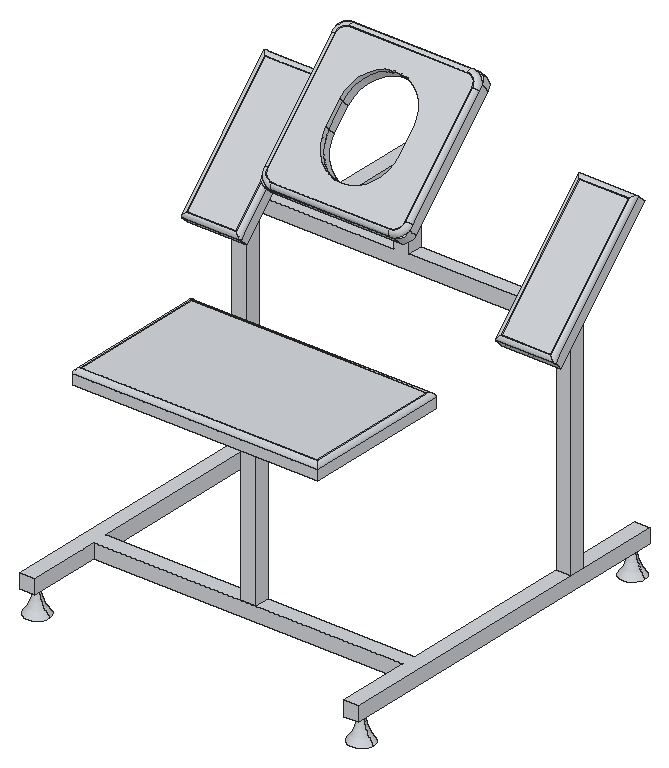
Revit family "Скамья массажная", category Оборудование, Revit 2017
Family settings
  Размер круглого соединителя = Использовать диаметр
  Тип детали = Нормальный
  На основе рабочей плоскости = Нет
  Всегда вертикально = Да
  При загрузке вырезать с полостями = Нет
  Общий = Нет
  Точка расчета площади = Нет
Parameters
  Ширина = 760.0 mm
  Примечание = ""
  Позиция = ""
  Обозначение = "-"
  Наименование = "Скамья массажная"
  Масса = "12"
  Код оборудования = "-"
  Keynote = ""
  Изготовитель = "Severin"
  Завод = ""
  Единицы = "шт."
  Группа модели = "ТХ"  # constant formula
  Глубина = 740.0 mm
  Высота = 1000.0 mm
Reference planes
  plane 1 "По центру (Вперед/Назад)": y = 0
  plane 2: z = 0
  plane 3 "По центру (Влево/Вправо)": x = 0
  plane 4: y = 370
  plane 5: y = -370
  plane 6: y = 170
  plane 7: through (0, 173.79, 573.79) normal (0, -0.7071, 0.7071)
  plane 8: through (0, 20, 700) normal (0, -0.7071, 0.7071)
  plane 9: through (0, 5.01, 685.01) normal (0, 0.7071, -0.7071)
  plane 10: x = -380
  plane 11: x = 380
Forms (mm)
  Extrusion 1, solid, detail levels fine
    sketch origin (0, 0, 0) x (1, 0, 0) y (0, 1, 0)
      loop
        line (-345, 370) -> (-345, -370) -> (-315, -370) -> (-315, -220) -> (315, -220) -> (315, -370) -> (345, -370) -> (345, 370) -> (315, 370) -> (315, -190) -> (-315, -190) -> (-315, 370) -> (-345, 370)
    from 50 to 80
  Revolve 2, solid, detail levels fine
    sketch origin (265, -345, 0) x (-1, 0, 0) y (0, 0, 1)
      loop
        line (595, 50) -> (595, 0) -> (620, 0)
        spline (620, 0) -> (616.692, 3.873) -> (613.727, 8.004) -> (611.092, 12.333) -> (608.773, 16.797) -> (606.758, 21.335) -> (605.031, 25.885) -> (603.581, 30.386) -> (602.394, 34.776) -> (601.455, 38.994) -> (600.752, 42.979) -> (600.272, 46.668) -> (600, 50)
        line (600, 50) -> (595, 50)
      axis (595, 50) -> (595, 0)
    angle from 0 to 360
  Revolve 3, solid, detail levels fine
    sketch origin (265, 345, 0) x (-1, 0, 0) y (0, 0, 1)
      loop
        line (595, 50) -> (595, 0) -> (620, 0)
        spline (620, 0) -> (616.692, 3.873) -> (613.727, 8.004) -> (611.092, 12.333) -> (608.773, 16.797) -> (606.758, 21.335) -> (605.031, 25.885) -> (603.581, 30.386) -> (602.394, 34.776) -> (601.455, 38.994) -> (600.752, 42.979) -> (600.272, 46.668) -> (600, 50)
        line (600, 50) -> (595, 50)
      axis (595, 50) -> (595, 0)
    angle from 0 to 360
  Revolve 4, solid, detail levels fine
    sketch origin (925, 345, 0) x (-1, 0, 0) y (0, 0, 1)
      loop
        line (595, 50) -> (595, 0) -> (620, 0)
        spline (620, 0) -> (616.692, 3.873) -> (613.727, 8.004) -> (611.092, 12.333) -> (608.773, 16.797) -> (606.758, 21.335) -> (605.031, 25.885) -> (603.581, 30.386) -> (602.394, 34.776) -> (601.455, 38.994) -> (600.752, 42.979) -> (600.272, 46.668) -> (600, 50)
        line (600, 50) -> (595, 50)
      axis (595, 50) -> (595, 0)
    angle from 0 to 360
  Revolve 5, solid, detail levels fine
    sketch origin (925, -345, 0) x (-1, 0, 0) y (0, 0, 1)
      loop
        line (595, 50) -> (595, 0) -> (620, 0)
        spline (620, 0) -> (616.692, 3.873) -> (613.727, 8.004) -> (611.092, 12.333) -> (608.773, 16.797) -> (606.758, 21.335) -> (605.031, 25.885) -> (603.581, 30.386) -> (602.394, 34.776) -> (601.455, 38.994) -> (600.752, 42.979) -> (600.272, 46.668) -> (600, 50)
        line (600, 50) -> (595, 50)
      axis (595, 50) -> (595, 0)
    angle from 0 to 360
  Extrusion 6, solid, detail levels fine
    sketch origin (0, 0, 0) x (1, 0, 0) y (0, 1, 0)
      loop
        line (-15, -220) -> (15, -220) -> (15, -190) -> (-15, -190) -> (-15, -220)
    from 80 to 450
  Extrusion 7, solid, detail levels fine
    sketch origin (0, 0, 0) x (1, 0, 0) y (0, 1, 0)
      loop
        line (-250, -55) -> (-250, -355) -> (250, -355) -> (250, -55) -> (-250, -55)
    from 450 to 470
  Extrusion 8, solid, detail levels fine
    sketch origin (0, 0, 0) x (1, 0, 0) y (0, 1, 0)
      loop
        line (-240, -65) -> (-240, -345) -> (240, -345) -> (240, -65) -> (-240, -65)
    from 470 to 480
  Sweep 9, solid, detail levels fine
    path in 3D
      loop
        line (-240, -65, 480) -> (-240, -345, 480) -> (240, -345, 480) -> (240, -65, 480) -> (-240, -65, 480)
    profile origin (0, -65, 480) x (0, -1, 0) y (0, 0, 1)
      loop
        arc (0, 0) -> (-7.071, -2.929) -> (-10, -10) r 10
        line (-10, -10) -> (0, -10) -> (0, 0)
  Extrusion 10, solid, detail levels fine
    sketch origin (-210, 170, 1200) x (-1, 0, 0) y (0, 0, 1)
      loop
        line (135, -1120) -> (135, -600) -> (105, -600) -> (105, -650) -> (-195, -650) -> (-195, -500) -> (-225, -500) -> (-225, -650) -> (-525, -650) -> (-525, -600) -> (-555, -600) -> (-555, -1120) -> (-525, -1120) -> (-525, -680) -> (105, -680) -> (105, -1120) -> (135, -1120)
    from 0 to 30
  Extrusion 11, solid, detail levels fine
    sketch origin (0, 173.79, 573.79) x (0, 0.707107, 0.707107) y (-1, 0, 0)
      loop
        line (196.316, -260) -> (-103.684, -260) -> (-103.684, -380) -> (196.316, -380) -> (196.316, -260)
      loop
        line (196.316, 380) -> (-103.684, 380) -> (-103.684, 260) -> (196.316, 260) -> (196.316, 380)
    from 0 to 20
  Extrusion 12, solid, detail levels fine
    sketch origin (0, 173.79, 573.79) x (0, 0.707107, 0.707107) y (-1, 0, 0)
      loop
        line (186.316, 370) -> (-93.684, 370) -> (-93.684, 270) -> (186.316, 270) -> (186.316, 370)
      loop
        line (186.316, -270) -> (-93.684, -270) -> (-93.684, -370) -> (186.316, -370) -> (186.316, -270)
    from 20 to 30
  Sweep 13, solid, detail levels fine
    path in 3D
      loop
        line (270, 284.322, 726.748) -> (270, 86.332, 528.758) -> (370, 86.332, 528.758) -> (370, 284.322, 726.748) -> (270, 284.322, 726.748)
    profile origin (320, 284.322, 726.748) x (0, -0.707107, -0.707107) y (0, -0.707107, 0.707107)
      loop
        arc (0, 0) -> (-7.071, -2.929) -> (-10, -10) r 10
        line (-10, -10) -> (0, -10) -> (0, 0)
  Sweep 14, solid, detail levels fine
    path in 3D
      loop
        line (-370, 284.322, 726.748) -> (-370, 86.332, 528.758) -> (-270, 86.332, 528.758) -> (-270, 284.322, 726.748) -> (-370, 284.322, 726.748)
    profile origin (-320, 284.322, 726.748) x (0, -0.707107, -0.707107) y (0, -0.707107, 0.707107)
      loop
        arc (0, 0) -> (-7.071, -2.929) -> (-10, -10) r 10
        line (-10, -10) -> (0, -10) -> (0, 0)
  Extrusion 15, solid, detail levels fine
    sketch origin (0, 0, 0) x (1, 0, 0) y (0, 1, 0)
      loop
        line (15, 200) -> (-15, 200) -> (-15, 20) -> (15, 20) -> (15, 200)
    from 700 to 730
  Extrusion 16, solid, detail levels fine
    sketch origin (0, 110.104, 790.104) x (0, 0.707107, 0.707107) y (-1, 0, 0)
      loop
        arc (150, 130) -> (144.142, 144.142) -> (130, 150) r 20
        line (130, 150) -> (-130, 150)
        arc (-130, 150) -> (-144.142, 144.142) -> (-150, 130) r 20
        line (-150, 130) -> (-150, -130)
        arc (-150, -130) -> (-144.142, -144.142) -> (-130, -150) r 20
        line (-130, -150) -> (130, -150)
        arc (130, -150) -> (144.142, -144.142) -> (150, -130) r 20
        line (150, -130) -> (150, 130)
      loop
        line (25, 75) -> (-25, 75)
        arc (-25, 75) -> (-100, 0) -> (-25, -75) r 75
        line (-25, -75) -> (25, -75)
        arc (25, -75) -> (100, 0) -> (25, 75) r 75
    from 0 to 20
  Extrusion 17, solid, detail levels fine
    sketch origin (0, 95.114, 775.114) x (0, -0.707107, -0.707107) y (-1, 0, 0)
      loop
        line (-161.199, 120) -> (-161.199, -120)
        arc (-161.199, -120) -> (-155.341, -134.142) -> (-141.199, -140) r 20
        line (-141.199, -140) -> (98.801, -140)
        arc (98.801, -140) -> (112.943, -134.142) -> (118.801, -120) r 20
        line (118.801, -120) -> (118.801, 120)
        arc (118.801, 120) -> (112.943, 134.142) -> (98.801, 140) r 20
        line (98.801, 140) -> (-141.199, 140)
        arc (-141.199, 140) -> (-155.341, 134.142) -> (-161.199, 120) r 20
      loop
        arc (-46.199, 75) -> (-121.199, 0) -> (-46.199, -75) r 75
        line (-46.199, -75) -> (3.801, -75)
        arc (3.801, -75) -> (78.801, 0) -> (3.801, 75) r 75
        line (3.801, 75) -> (-46.199, 75)
    from -30 to -20
  Sweep 18, solid, detail levels fine
    path in 3D
      loop
        arc (-140, 4.038, 726.464) -> (-134.142, -5.962, 716.464) -> (-120, -10.104, 712.322) r 20
        line (-120, -10.104, 712.322) -> (120, -10.104, 712.322)
        arc (120, -10.104, 712.322) -> (134.142, -5.962, 716.464) -> (140, 4.038, 726.464) r 20
        line (140, 4.038, 726.464) -> (140, 173.744, 896.17)
        arc (140, 173.744, 896.17) -> (134.142, 183.744, 906.17) -> (120, 187.886, 910.312) r 20
        line (120, 187.886, 910.312) -> (-120, 187.886, 910.312)
        arc (-120, 187.886, 910.312) -> (-134.142, 183.744, 906.17) -> (-140, 173.744, 896.17) r 20
        line (-140, 173.744, 896.17) -> (-140, 4.038, 726.464)
    profile origin (-140, 88.891, 811.317) x (0, -0.707107, 0.707107) y (-1, 0, 0)
      loop
        arc (0, 0) -> (-2.929, 7.071) -> (-10, 10) r 10
        line (-10, 10) -> (-10, 0) -> (0, 0)
Lines and regions (mm)
  sketch lines
    curve 1: line (240, -65, 480) -> (-240, -65, 480)
    curve 2: line (240, -345, 480) -> (240, -65, 480)
    curve 3: line (-240, -345, 480) -> (240, -345, 480)
    curve 4: line (-240, -65, 480) -> (-240, -345, 480)
    curve 5: line (370, 284.322, 726.748) -> (270, 284.322, 726.748)
    curve 6: line (270, 284.322, 726.748) -> (270, 86.332, 528.758)
    curve 7: line (270, 86.332, 528.758) -> (370, 86.332, 528.758)
    curve 8: line (370, 86.332, 528.758) -> (370, 284.322, 726.748)
    curve 9: line (-270, 284.322, 726.748) -> (-370, 284.322, 726.748)
    curve 10: line (-370, 284.322, 726.748) -> (-370, 86.332, 528.758)
    curve 11: line (-370, 86.332, 528.758) -> (-270, 86.332, 528.758)
    curve 12: line (-270, 86.332, 528.758) -> (-270, 284.322, 726.748)
    curve 13: line (-140, 173.744, 896.17) -> (-140, 4.038, 726.464)
    curve 14: arc (-140, 173.744, 896.17) -> (-134.142, 183.744, 906.17) -> (-120, 187.886, 910.312) r 20
    curve 15: line (120, 187.886, 910.312) -> (-120, 187.886, 910.312)
    curve 16: arc (120, 187.886, 910.312) -> (134.142, 183.744, 906.17) -> (140, 173.744, 896.17) r 20
    curve 17: line (140, 4.038, 726.464) -> (140, 173.744, 896.17)
    curve 18: arc (140, 4.038, 726.464) -> (134.142, -5.962, 716.464) -> (120, -10.104, 712.322) r 20
    curve 19: line (-120, -10.104, 712.322) -> (120, -10.104, 712.322)
    curve 20: arc (-120, -10.104, 712.322) -> (-134.142, -5.962, 716.464) -> (-140, 4.038, 726.464) r 20
  symbolic lines, detail levels coarse+medium
    curve 21: line (-130, 216.17, 0) -> (130, 216.17, 0)
    curve 22: spline (130, 216.17, 0) -> (132.611, 216.049, 0) -> (135.176, 215.688, 0) -> (137.654, 215.094, 0) -> (140, 214.275, 0) -> (142.175, 213.248, 0) -> (144.142, 212.028, 0) -> (145.867, 210.637, 0) -> (147.321, 209.099, 0) -> (148.478, 207.44, 0) -> (149.319, 205.688, 0) -> (149.829, 203.874, 0) -> (150, 202.028, 0)
    curve 23: line (150, 202.028, 0) -> (150, 18.18, 0)
    curve 24: spline (150, 18.18, 0) -> (149.829, 16.334, 0) -> (149.319, 14.52, 0) -> (148.478, 12.768, 0) -> (147.321, 11.109, 0) -> (145.867, 9.571, 0) -> (144.142, 8.18, 0) -> (142.175, 6.96, 0) -> (140, 5.933, 0) -> (137.654, 5.115, 0) -> (135.176, 4.52, 0) -> (132.611, 4.159, 0) -> (130, 4.038, 0)
    curve 25: line (130, 4.038, 0) -> (-130, 4.038, 0)
    curve 26: spline (-130, 4.038, 0) -> (-132.611, 4.159, 0) -> (-135.176, 4.52, 0) -> (-137.654, 5.115, 0) -> (-140, 5.933, 0) -> (-142.175, 6.96, 0) -> (-144.142, 8.18, 0) -> (-145.867, 9.571, 0) -> (-147.321, 11.109, 0) -> (-148.478, 12.768, 0) -> (-149.319, 14.52, 0) -> (-149.829, 16.334, 0) -> (-150, 18.18, 0)
    curve 27: line (-150, 18.18, 0) -> (-150, 202.028, 0)
    curve 28: spline (-150, 202.028, 0) -> (-149.829, 203.874, 0) -> (-149.319, 205.688, 0) -> (-148.478, 207.44, 0) -> (-147.321, 209.099, 0) -> (-145.867, 210.637, 0) -> (-144.142, 212.028, 0) -> (-142.175, 213.248, 0) -> (-140, 214.275, 0) -> (-137.654, 215.094, 0) -> (-135.176, 215.688, 0) -> (-132.611, 216.049, 0) -> (-130, 216.17, 0)
    curve 29: spline (75, 127.782, 0) -> (72.444, 141.508, 0) -> (64.952, 154.298, 0) -> (53.033, 165.282, 0) -> (37.5, 173.71, 0) -> (19.411, 179.008, 0) -> (0, 180.815, 0) -> (-19.411, 179.008, 0) -> (-37.5, 173.71, 0) -> (-53.033, 165.282, 0) -> (-64.952, 154.298, 0) -> (-72.444, 141.508, 0) -> (-75, 127.782, 0)
    curve 30: line (-75, 127.782, 0) -> (-75, 92.426, 0)
    curve 31: spline (-75, 92.426, 0) -> (-72.444, 78.7, 0) -> (-64.952, 65.91, 0) -> (-53.033, 54.926, 0) -> (-37.5, 46.498, 0) -> (-19.411, 41.2, 0) -> (0, 39.393, 0) -> (19.411, 41.2, 0) -> (37.5, 46.498, 0) -> (53.033, 54.926, 0) -> (64.952, 65.91, 0) -> (72.444, 78.7, 0) -> (75, 92.426, 0)
    curve 32: line (75, 92.426, 0) -> (75, 127.782, 0)
    curve 33: line (260, 298.464, 0) -> (260, 86.332, 0)
    curve 34: line (260, 86.332, 0) -> (380, 86.332, 0)
    curve 35: line (380, 86.332, 0) -> (380, 298.464, 0)
    curve 36: line (380, 298.464, 0) -> (260, 298.464, 0)
    curve 37: line (-260, 86.332, 0) -> (-260, 298.464, 0)
    curve 38: line (-260, 298.464, 0) -> (-380, 298.464, 0)
    curve 39: line (-380, 298.464, 0) -> (-380, 86.332, 0)
    curve 40: line (-380, 86.332, 0) -> (-260, 86.332, 0)
    curve 41: line (-315, -190, 0) -> (-315, 86.332, 0)
    curve 42: line (-315, 370, 0) -> (-345, 370, 0)
    curve 43: line (-345, 86.332, 0) -> (-345, -370, 0)
    curve 44: line (-345, -370, 0) -> (-315, -370, 0)
    curve 45: line (-315, -370, 0) -> (-315, -220, 0)
    curve 46: line (250, -220, 0) -> (315, -220, 0)
    curve 47: line (315, -220, 0) -> (315, -370, 0)
    curve 48: line (315, -370, 0) -> (345, -370, 0)
    curve 49: line (345, -370, 0) -> (345, 86.332, 0)
    curve 50: line (345, 370, 0) -> (315, 370, 0)
    curve 51: line (315, 86.332, 0) -> (315, -190, 0)
    curve 52: line (315, -190, 0) -> (250, -190, 0)
    curve 53: line (-260, 170, 0) -> (-150, 170, 0)
    curve 54: line (-150, 200, 0) -> (-260, 200, 0)
    curve 55: line (150, 170, 0) -> (260, 170, 0)
    curve 56: line (260, 200, 0) -> (150, 200, 0)
    curve 57: line (-250, -355, 0) -> (250, -355, 0)
    curve 58: line (250, -355, 0) -> (250, -55, 0)
    curve 59: line (250, -55, 0) -> (-250, -55, 0)
    curve 60: line (-250, -55, 0) -> (-250, -355, 0)
    curve 61: line (-250, -220, 0) -> (-315, -220, 0)
    curve 62: line (-315, -190, 0) -> (-250, -190, 0)
    curve 63: line (345, 312.606, 0) -> (345, 370, 0)
    curve 64: line (315, 312.606, 0) -> (315, 370, 0)
    curve 65: line (-345, 312.606, 0) -> (-345, 370, 0)
    curve 66: line (-315, 312.606, 0) -> (-315, 370, 0)
Dimensions and locks
  "Глубина": plane 4 to plane 5
  "Ширина": plane 10 to plane 11
  aligned and locked: level to plane 2
Automatic sketch dimensions
  Extrusion 1 sketch curve to plane 5 = 0.0 mm  (x2)
  Extrusion 1 sketch curve to plane 4 = 0.0 mm  (x2)
  Extrusion 1 sketch curve to Extrusion 1 sketch curve = 30.0 mm  (x4)
  plane 5 to Extrusion 1 sketch curve = 150.0 mm
  Revolve 2 sketch curve to level = 0.0 mm  (x2)
  Revolve 2 sketch curve to Revolve 2 sketch curve = 5.0 mm
  level to Revolve 2 sketch curve = 50.0 mm
  Revolve 2 sketch curve to Revolve 2 sketch curve = 0.0 mm  (x2)
  Revolve 3 sketch curve to level = 0.0 mm  (x2)
  Revolve 3 sketch curve to Revolve 3 sketch curve = 5.0 mm
  level to Revolve 3 sketch curve = 50.0 mm
  Revolve 3 sketch curve to Revolve 3 sketch curve = 0.0 mm  (x2)
  Revolve 4 sketch curve to level = 0.0 mm  (x2)
  Revolve 4 sketch curve to Revolve 4 sketch curve = 5.0 mm
  Revolve 4 sketch curve to Revolve 4 sketch curve = 25.0 mm
  level to Revolve 4 sketch curve = 50.0 mm
  Revolve 4 sketch curve to Revolve 4 sketch curve = 0.0 mm  (x2)
  Revolve 5 sketch curve to level = 0.0 mm  (x2)
  Revolve 5 sketch curve to Revolve 5 sketch curve = 5.0 mm
  Revolve 5 sketch curve to Revolve 5 sketch curve = 25.0 mm
  level to Revolve 5 sketch curve = 50.0 mm
  Revolve 5 sketch curve to Revolve 5 sketch curve = 0.0 mm  (x2)
  Extrusion 6 sketch curve to plane 3 "По центру (Влево/Вправо)" = 15.0 mm
  plane 3 "По центру (Влево/Вправо)" to Extrusion 6 sketch curve = 15.0 mm
  plane 5 to Extrusion 6 sketch curve = 150.0 mm
  Extrusion 6 sketch curve to Extrusion 6 sketch curve = 30.0 mm
  plane 1 "По центру (Вперед/Назад)" to Extrusion 7 sketch curve = 55.0 mm
  plane 5 to Extrusion 7 sketch curve = 15.0 mm
  plane 1 "По центру (Вперед/Назад)" to Extrusion 8 sketch curve = 65.0 mm
  plane 5 to Extrusion 8 sketch curve = 25.0 mm
  Sweep 9 sketch curve to profile plane = 0.0 mm  (x2)
  Sweep 9 sketch curve to Sweep 9 sketch curve = 10.0 mm
  Extrusion 10 sketch curve to Extrusion 10 sketch curve = 30.0 mm  (x4)
  plane 3 "По центру (Влево/Вправо)" to Extrusion 10 sketch curve = 15.0 mm
  Extrusion 10 sketch curve to plane 3 "По центру (Влево/Вправо)" = 15.0 mm
  level to Extrusion 10 sketch curve = 80.0 mm  (x2)
  Extrusion 10 sketch curve to Extrusion 10 sketch curve = 440.0 mm
  Extrusion 10 sketch curve to Extrusion 10 sketch curve = 0.0 mm  (x2)
  Extrusion 10 sketch curve to Extrusion 10 sketch curve = 50.0 mm  (x2)
  Extrusion 10 sketch curve to Extrusion 10 sketch curve = 150.0 mm
  Extrusion 11 sketch curve to Extrusion 11 sketch curve = 0.0 mm
  Extrusion 11 sketch curve to Extrusion 11 sketch curve = 300.0 mm  (x2)
  Extrusion 12 sketch curve to Extrusion 12 sketch curve = 0.0 mm
  Extrusion 12 sketch curve to Extrusion 12 sketch curve = 280.0 mm  (x2)
  Extrusion 12 sketch curve to Extrusion 12 sketch curve = 100.0 mm  (x2)
  Sweep 13 sketch curve to profile plane = 0.0 mm  (x2)
  Sweep 13 sketch curve to Sweep 13 sketch curve = 10.0 mm
  Sweep 14 sketch curve to profile plane = 0.0 mm  (x2)
  Sweep 14 sketch curve to Sweep 14 sketch curve = 10.0 mm
  Extrusion 15 sketch curve to plane 3 "По центру (Влево/Вправо)" = 15.0 mm
  plane 3 "По центру (Влево/Вправо)" to Extrusion 15 sketch curve = 15.0 mm
  Extrusion 15 sketch curve to plane 1 "По центру (Вперед/Назад)" = 20.0 mm
  plane 6 to Extrusion 15 sketch curve = 30.0 mm
  Sweep 18 sketch curve to profile plane = 0.0 mm
  profile plane to Sweep 18 sketch curve = 0.0 mm
  Sweep 18 sketch curve to Sweep 18 sketch curve = 10.0 mm
  Extrusion 16 sketch curve to plane 3 "По центру (Влево/Вправо)" = 130.0 mm
  Extrusion 16 sketch curve to Extrusion 16 sketch curve = 20.0 mm  (x3)
  plane 3 "По центру (Влево/Вправо)" to Extrusion 16 sketch curve = 0.0 mm
  Extrusion 16 sketch curve to Extrusion 16 sketch curve = 105.0 mm  (x3)
  Extrusion 16 sketch curve to Extrusion 16 sketch curve = 50.0 mm
  Extrusion 16 sketch curve to Extrusion 16 sketch curve = 75.0 mm
  Extrusion 16 sketch curve to Extrusion 16 sketch curve = 55.0 mm
  Extrusion 17 sketch curve to plane 3 "По центру (Влево/Вправо)" = 120.0 mm
  Extrusion 17 sketch curve to Extrusion 17 sketch curve = 20.0 mm  (x3)
  Extrusion 17 sketch curve to Extrusion 17 sketch curve = 95.0 mm  (x3)
  Extrusion 17 sketch curve to Extrusion 17 sketch curve = 50.0 mm
  Extrusion 17 sketch curve to plane 3 "По центру (Влево/Вправо)" = 75.0 mm
  plane 3 "По центру (Влево/Вправо)" to Extrusion 17 sketch curve = 0.0 mm
  Extrusion 17 sketch curve to Extrusion 17 sketch curve = 45.0 mm
  Extrusion 1 sketch curve to plane 3 "По центру (Влево/Вправо)" = 315.0 mm
  Revolve 2 sketch curve to plane 3 "По центру (Влево/Вправо)" = 330.0 mm
  Revolve 2 sketch curve to Revolve 2 sketch curve = 25.0 mm
  Revolve 3 sketch curve to plane 3 "По центру (Влево/Вправо)" = 330.0 mm
  Revolve 3 sketch curve to Revolve 3 sketch curve = 25.0 mm
  Extrusion 7 sketch curve to plane 3 "По центру (Влево/Вправо)" = 250.0 mm
  Extrusion 8 sketch curve to plane 3 "По центру (Влево/Вправо)" = 240.0 mm
  Extrusion 10 sketch curve to plane 3 "По центру (Влево/Вправо)" = 315.0 mm
  Extrusion 11 sketch curve to plane 3 "По центру (Влево/Вправо)" = 260.0 mm
  Extrusion 11 sketch curve to Extrusion 11 sketch curve = 120.0 mm  (x2)
  Extrusion 12 sketch curve to plane 3 "По центру (Влево/Вправо)" = 270.0 mm
  plane 3 "По центру (Влево/Вправо)" to Extrusion 1 sketch curve = 315.0 mm  (x2)
  plane 3 "По центру (Влево/Вправо)" to Revolve 4 sketch curve = 330.0 mm
  plane 3 "По центру (Влево/Вправо)" to Revolve 5 sketch curve = 330.0 mm
  plane 3 "По центру (Влево/Вправо)" to Extrusion 7 sketch curve = 250.0 mm
  plane 3 "По центру (Влево/Вправо)" to Extrusion 8 sketch curve = 240.0 mm
  Extrusion 10 sketch curve to Extrusion 10 sketch curve = 300.0 mm
  plane 3 "По центру (Влево/Вправо)" to Extrusion 11 sketch curve = 260.0 mm
  plane 3 "По центру (Влево/Вправо)" to Extrusion 12 sketch curve = 370.0 mm
  curve 39 to plane 10 = 0.0 mm
  curve 65 to plane 4 = 0.0 mm
  curve 43 to plane 5 = 0.0 mm
  curve 53 to plane 6 = 0.0 mm
  curve 29 to plane 3 "По центру (Влево/Вправо)" = 0.0 mm
  curve 55 to plane 6 = 0.0 mm
  curve 50 to plane 4 = 0.0 mm
  curve 48 to plane 5 = 0.0 mm
  curve 35 to plane 11 = 0.0 mm
  curve 65 to plane 10 = 35.0 mm
  curve 43 to plane 10 = 35.0 mm
  curve 43 to curve 44 = 30.0 mm
  curve 42 to curve 42 = 30.0 mm
  curve 62 to curve 45 = 0.0 mm
  curve 66 to curve 37 = 55.0 mm
  plane 1 "По центру (Вперед/Назад)" to curve 60 = 55.0 mm
  curve 60 to plane 10 = 130.0 mm
  plane 6 to curve 27 = 32.028 mm
  curve 54 to curve 27 = 110.0 mm
  curve 27 to curve 21 = 20.0 mm
  curve 25 to plane 1 "По центру (Вперед/Назад)" = 4.038 mm
  curve 27 to curve 25 = 20.0 mm
  curve 30 to plane 3 "По центру (Влево/Вправо)" = 75.0 mm
  curve 31 to curve 25 = 55.0 mm
  curve 32 to curve 21 = 55.0 mm
  curve 24 to curve 23 = 20.0 mm
  plane 5 to curve 57 = 15.0 mm
  plane 11 to curve 57 = 130.0 mm
  plane 11 to curve 33 = 120.0 mm
  curve 52 to curve 51 = 65.0 mm
  plane 11 to curve 50 = 65.0 mm
  curve 46 to curve 51 = 0.0 mm
  curve 47 to curve 49 = 30.0 mm
  curve 50 to curve 50 = 30.0 mm
  curve 57 to curve 45 = 135.0 mm
  curve 57 to curve 46 = 135.0 mm
  curve 46 to curve 52 = 30.0 mm
  curve 45 to curve 41 = 30.0 mm
  curve 27 to plane 1 "По центру (Вперед/Назад)" = 18.18 mm
  curve 23 to plane 1 "По центру (Вперед/Назад)" = 18.18 mm
  curve 35 to plane 6 = 83.668 mm
  curve 40 to plane 6 = 83.668 mm
  curve 32 to plane 6 = 77.574 mm
  curve 32 to curve 32 = 35.355 mm
  plane 6 to curve 23 = 32.028 mm
  curve 28 to curve 21 = 14.142 mm
  curve 35 to plane 4 = 71.536 mm
  curve 39 to plane 4 = 71.536 mm
  curve 54 to curve 27 = 0.0 mm
  curve 56 to curve 22 = 0.0 mm
  curve 54 to curve 27 = 2.028 mm
  curve 56 to curve 22 = 2.028 mm
  curve 37 to curve 66 = 14.142 mm
  curve 33 to curve 64 = 14.142 mm
  curve 64 to curve 63 = 0.0 mm
  curve 65 to curve 66 = 0.0 mm
